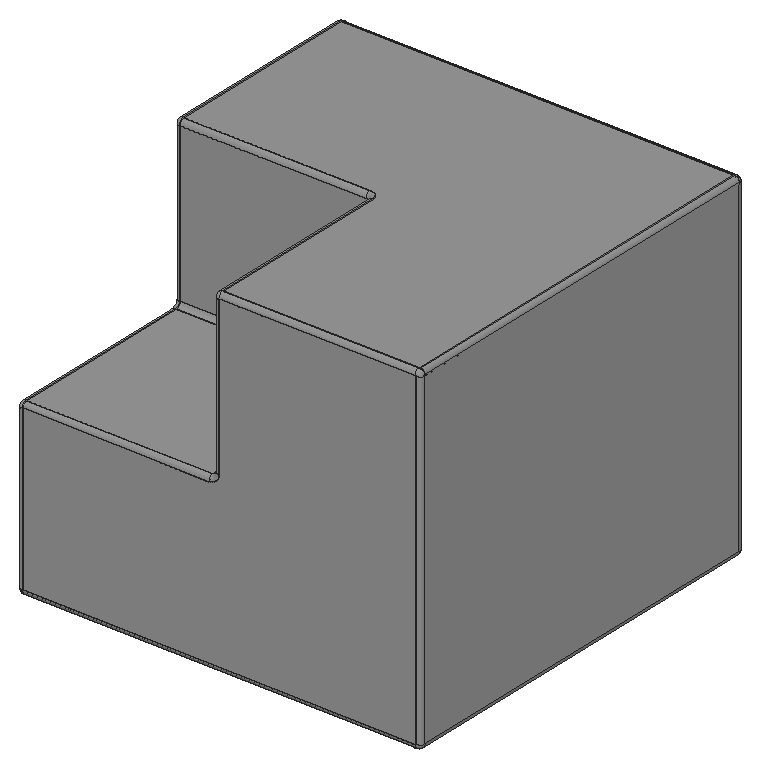
Revit family "TS1007 Elevate Two Tier Inside Corner", category Generic Models, Revit 2018
Family settings
  Can host rebar = No
  Round Connector Dimension = Use Diameter
  Part Type = Normal
  Work Plane-Based = No
  Always vertical = Yes
  Cut with Voids When Loaded = No
  Shared = No
  Room Calculation Point = No
Parameters
  Fabric = TS1007 Elevate Two Tier Inside Corner Fabric
Reference planes (in)
  plane 1 "Center (Front/Back)": y = 0
  plane 2: z = 0
  plane 3 "Center (Left/Right)": x = 0
Forms (in)
  Sweep 1, solid, material "TS1007 Elevate Two Tier Inside Corner Fabric" <- "Fabric"
    path origin (0, -1.99975, 0) x (1, 0, 0) y (0, 0, -1)
      loop
        line (-20, -17.09) -> (-1, -17.09)
        arc (-1, -17.09) -> (-0.29289, -17.38289) -> (0, -18.09) r 1
        line (0, -18.09) -> (0, -34.07041)
        arc (0, -34.07041) -> (0.00574, -34.08426) -> (0.01959, -34.09) r 0.01959
        line (0.01959, -34.09) -> (19.97864, -34.09)
        arc (19.97864, -34.09) -> (19.99374, -34.08374) -> (20, -34.06864) r 0.02136
        line (20, -34.06864) -> (20, -0.52044)
        arc (20, -0.52044) -> (19.99401, -0.50599) -> (19.97956, -0.5) r 0.02044
        line (19.97956, -0.5) -> (-20, -0.5)
    profile origin (20, -1.99975, 17.29454) x (0, 1, 0) y (-1, 0, 0)
      loop
        line (-18, 0) -> (-18.5, 0)
        arc (-18.5, 0) -> (-18.35355, -0.35355) -> (-18, -0.5) r 0.5
        line (-18, -0.5) -> (-18, 0)
  Extrusion 2, solid, material "TS1007 Elevate Two Tier Inside Corner Fabric" <- "Fabric"
    sketch origin (-0.00025, -1.99975, 0) x (1, 0, 0) y (0, 0, 1)
      loop
        line (19.97889, 34.09) -> (0.01984, 34.09)
        arc (0.01984, 34.09) -> (0.00599, 34.08426) -> (0.00025, 34.07041) r 0.01959
        line (0.00025, 34.07041) -> (0.00025, 18.09)
        arc (0.00025, 18.09) -> (-0.29264, 17.38289) -> (-0.99975, 17.09) r 1
        line (-0.99975, 17.09) -> (-19.98019, 17.09)
        arc (-19.98019, 17.09) -> (-19.99402, 17.08427) -> (-19.99975, 17.07044) r 0.01956
        line (-19.99975, 17.07044) -> (-19.99975, 0.51994)
        arc (-19.99975, 0.51994) -> (-19.99391, 0.50584) -> (-19.97981, 0.5) r 0.01994
        line (-19.97981, 0.5) -> (19.97981, 0.5)
        arc (19.97981, 0.5) -> (19.99426, 0.50599) -> (20.00025, 0.52044) r 0.02044
        line (20.00025, 0.52044) -> (20.00025, 34.06864)
        arc (20.00025, 34.06864) -> (19.99399, 34.08374) -> (19.97889, 34.09) r 0.02136
    from 18 to 18.5
  Sweep 3, solid, material "TS1007 Elevate Two Tier Inside Corner Fabric" <- "Fabric"
    path origin (-2, 0.00025, 0) x (0, 1, 0) y (0, 0, 1)
      loop
        arc (20, 34.06864) -> (19.99374, 34.08374) -> (19.97864, 34.09) r 0.02136
        line (19.97864, 34.09) -> (0.01959, 34.09)
        arc (0.01959, 34.09) -> (0.00574, 34.08426) -> (0, 34.07041) r 0.01959
        line (0, 34.07041) -> (0, 18.09)
        arc (0, 18.09) -> (-0.29289, 17.38289) -> (-1, 17.09) r 1
        line (-1, 17.09) -> (-19.98044, 17.09)
        arc (-19.98044, 17.09) -> (-19.99427, 17.08427) -> (-20, 17.07044) r 0.01956
        line (-20, 17.07044) -> (-20, 0.51994)
        arc (-20, 0.51994) -> (-19.99416, 0.50584) -> (-19.98006, 0.5) r 0.01994
        line (-19.98006, 0.5) -> (19.97956, 0.5)
        arc (19.97956, 0.5) -> (19.99401, 0.50599) -> (20, 0.52044) r 0.02044
        line (20, 0.52044) -> (20, 34.06864)
    profile origin (-2, 20.00025, 17.29454) x (1, 0, 0) y (0, 1, 0)
      loop
        line (-18, 0) -> (-18, 0.5)
        arc (-18, 0.5) -> (-18.35355, 0.35355) -> (-18.5, 0) r 0.5
        line (-18.5, 0) -> (-18, 0)
  Extrusion 4, solid, material "TS1007 Elevate Two Tier Inside Corner Fabric" <- "Fabric"
    sketch origin (-2, 0, 0) x (0, 1, 0) y (0, 0, -1)
      loop
        arc (19.97889, -34.09) -> (19.99399, -34.08374) -> (20.00025, -34.06864) r 0.02136
        line (20.00025, -34.06864) -> (20.00025, -0.52044)
        arc (20.00025, -0.52044) -> (19.99426, -0.50599) -> (19.97981, -0.5) r 0.02044
        line (19.97981, -0.5) -> (-19.97981, -0.5)
        arc (-19.97981, -0.5) -> (-19.99391, -0.50584) -> (-19.99975, -0.51994) r 0.01994
        line (-19.99975, -0.51994) -> (-19.99975, -17.07044)
        arc (-19.99975, -17.07044) -> (-19.99402, -17.08427) -> (-19.98019, -17.09) r 0.01956
        line (-19.98019, -17.09) -> (-0.99975, -17.09)
        arc (-0.99975, -17.09) -> (-0.29264, -17.38289) -> (0.00025, -18.09) r 1
        line (0.00025, -18.09) -> (0.00025, -34.07041)
        arc (0.00025, -34.07041) -> (0.00599, -34.08426) -> (0.01984, -34.09) r 0.01959
        line (0.01984, -34.09) -> (19.97889, -34.09)
    from 18 to 18.5
  Sweep 5, solid, material "TS1007 Elevate Two Tier Inside Corner Fabric" <- "Fabric"
    path origin (2, 0.00025, 0) x (0, 1, 0) y (0, 0, -1)
      loop
        line (-20, -34.09) -> (19.97864, -34.09)
        arc (19.97864, -34.09) -> (19.99374, -34.08374) -> (20, -34.06864) r 0.02136
        line (20, -34.06864) -> (20, -0.52044)
        arc (20, -0.52044) -> (19.99401, -0.50599) -> (19.97956, -0.5) r 0.02044
        line (19.97956, -0.5) -> (-20, -0.5)
    profile origin (2, 20.00025, 17.29454) x (-1, 0, 0) y (0, -1, 0)
      loop
        line (-18, 0) -> (-18.5, 0)
        arc (-18.5, 0) -> (-18.35355, -0.35355) -> (-18, -0.5) r 0.5
        line (-18, -0.5) -> (-18, 0)
  Extrusion 6, solid, material "TS1007 Elevate Two Tier Inside Corner Fabric" <- "Fabric"
    sketch origin (2, 0, 0) x (0, 1, 0) y (0, 0, 1)
      loop
        line (19.97889, 34.09) -> (-19.98019, 34.09)
        arc (-19.98019, 34.09) -> (-19.99402, 34.08427) -> (-19.99975, 34.07044) r 0.01956
        line (-19.99975, 34.07044) -> (-19.99975, 0.51994)
        arc (-19.99975, 0.51994) -> (-19.99391, 0.50584) -> (-19.97981, 0.5) r 0.01994
        line (-19.97981, 0.5) -> (19.97981, 0.5)
        arc (19.97981, 0.5) -> (19.99426, 0.50599) -> (20.00025, 0.52044) r 0.02044
        line (20.00025, 0.52044) -> (20.00025, 34.06864)
        arc (20.00025, 34.06864) -> (19.99399, 34.08374) -> (19.97889, 34.09) r 0.02136
    from 18 to 18.5
  Sweep 7, solid, material "TS1007 Elevate Two Tier Inside Corner Fabric" <- "Fabric"
    path origin (0, 2.00025, 0) x (-1, 0, 0) y (0, 0, -1)
      loop
        line (-20, -34.09) -> (20, -34.09)
    profile origin (0, 2.00025, 34.09) x (0, 0, -1) y (0, -1, 0)
      loop
        line (0, -18) -> (-0.5, -18)
        arc (-0.5, -18) -> (-0.35355, -18.35355) -> (0, -18.5) r 0.5
        line (0, -18.5) -> (0, -18)
  Extrusion 8, solid, material "TS1007 Elevate Two Tier Inside Corner Fabric" <- "Fabric"
    sketch origin (0.00025, 2.00025, 0) x (-1, 0, 0) y (0, 0, 1)
      loop
        line (19.97889, 34.09) -> (-19.98019, 34.09)
        arc (-19.98019, 34.09) -> (-19.99402, 34.08427) -> (-19.99975, 34.07044) r 0.01956
        line (-19.99975, 34.07044) -> (-19.99975, 0.51994)
        arc (-19.99975, 0.51994) -> (-19.99391, 0.50584) -> (-19.97981, 0.5) r 0.01994
        line (-19.97981, 0.5) -> (19.97981, 0.5)
        arc (19.97981, 0.5) -> (19.99426, 0.50599) -> (20.00025, 0.52044) r 0.02044
        line (20.00025, 0.52044) -> (20.00025, 34.06864)
        arc (20.00025, 34.06864) -> (19.99399, 34.08374) -> (19.97889, 34.09) r 0.02136
    from 18 to 18.5
  Sweep 9, solid, material "TS1007 Elevate Two Tier Inside Corner Fabric" <- "Fabric"
    path origin (0, 2.00025, 34.58908) x (-1, 0, 0) y (0, 0, -1)
      loop
        line (-20, 34.09) -> (20, 34.09)
    profile origin (0, 2.00025, 0.49908) x (0, 0, -1) y (0, -1, 0)
      loop
        line (0, -18) -> (0, -18.5)
        arc (0, -18.5) -> (0.35355, -18.35355) -> (0.5, -18) r 0.5
        line (0.5, -18) -> (0, -18)
  Sweep 10, solid, material "TS1007 Elevate Two Tier Inside Corner Fabric" <- "Fabric"
    path origin (0, 0, 0) x (1, 0, 0) y (0, 1, 0)
      loop
        line (0, -19.99975) -> (0, -1)
        arc (0, -1) -> (-0.29289, -0.29289) -> (-1, 0) r 1
        line (-1, 0) -> (-20, 0)
    profile origin (-10.5, 0, 0) x (0, -1, 0) y (0, 0, 1)
      loop
        line (0.49975, 18.09) -> (0.49975, 34.07041)
        arc (0.49975, 34.07041) -> (0.35443, 34.43082) -> (-0.00025, 34.58963) r 0.51959
        line (-0.00025, 34.58963) -> (-0.00025, 0) -> (0.99975, 0) -> (0.99975, 17.59)
        arc (0.99975, 17.59) -> (0.6462, 17.73645) -> (0.49975, 18.09) r 0.5
  Extrusion 11, solid, material "TS1007 Elevate Two Tier Inside Corner Fabric" <- "Fabric"
    sketch origin (0, 0, 0) x (0, 1, 0) y (0, 0, 1)
      loop
        line (-1, 17.59) -> (-19.99975, 17.59) -> (-19.99975, 0) -> (-1, 0) -> (-1, 17.59)
    from -20 to -1
  Extrusion 12, solid, material "TS1007 Elevate Two Tier Inside Corner Fabric" <- "Fabric"
    sketch origin (0, 0, 0) x (1, 0, 0) y (0, 1, 0)
      loop
        arc (-1, 0.00025) -> (-0.29272, -0.29272) -> (0.00025, -1) r 1.00025
        line (0.00025, -1) -> (0.00025, -19.99975) -> (20, -19.99975) -> (20, 20.00025) -> (-20, 20.00025) -> (-20, 0.00025) -> (-1, 0.00025)
    from 0 to 34.59
Dimensions and locks (in)
  aligned and locked: plane 2 to level
